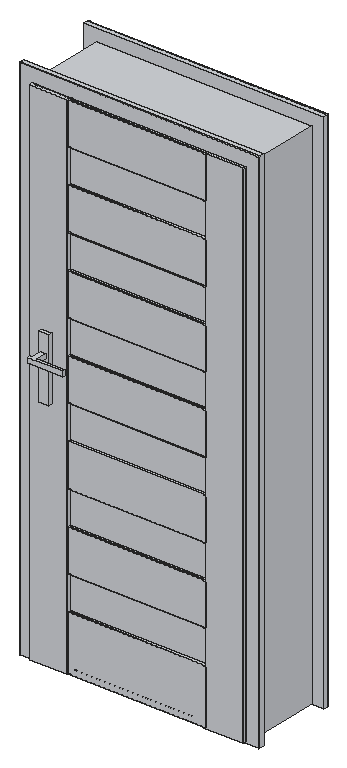
Revit family "porta_koncept_C0_osc_ps", category Drzwi, Revit 2016
Family settings
  Obiekt nadrzędny = Ściana
  Zawsze pionowo = Tak
  Tnij formami wycięć po wczytaniu = Nie
  Współdzielony = Nie
  Punkt obliczania pomieszczeń = Nie
Parameters (values of type "PN 80")
  Zakres szerokości muru [instance] = if(and(Grubość ściany > 94 mm, Grubość ściany < 120 mm), "B", (if(and(Grubość ściany > 119 mm, Grubość ściany < 140 mm), "C", (if(and(Grubość ściany > 139 mm, Grubość ściany < 160 mm), "D", (if(and(Grubość ściany > 159 mm, Grubość ściany < 180 mm), "E", (if(and(Grubość ściany > 179 mm, Grubość ściany < 200 mm), "F", (if(and(Grubość ściany > 199 mm, Grubość ściany < 220 mm), "G", (if(and(Grubość ściany > 219 mm, Grubość ściany < 240 mm), "H", (if(and(Grubość ściany > 239 mm, Grubość ściany < 260 mm), "I", (if(and(Grubość ściany > 259 mm, Grubość ściany < 280 mm), "J", (if(and(Grubość ściany > 279 mm, Grubość ściany < 301 mm), "K", "BRAK")))))))))))))))))))  # "K"
  Wysokość brutto = 2060 mm
  Szerokość brutto = 880 mm
  Model = "Koncept C0"
  Konstrukcja analityczna = "<Brak>"
  Grubość ściany [instance] = 300 mm
  Funkcja = Wewnętrzna
  URL = "www.porta.com.pl"
  Ss = 844 mm
  Sb = 846 mm
  Producent = "PORTA KMI POLAND"
  Keynote = ""
  Description = ""
  Wysokość = 2016 mm
  Zakończenie ściany = Wg obiektu nadrzędnego
  Szerokość = 800 mm
  Materiał_skrzydło [instance] = none
  Materiał_ościeżnica [instance] = none
  Materiał_klamka [instance] = none
  Informacja = "Własność Porta KMI Poland, wszelkie prawa zastrzeżone."  # constant formula
  Hs = 2030 mm
Types (6, lengths in mm): name | Szerokość brutto | Ss | Sb | Description | Szerokość
  PN 70 | 780 | 744 | 746 | "Biblioteki CAD produktów firmy PORTA KMI POLAND wraz z ich wizualizacjami są chronione prawami własności przemysłowej i intelektualnej. Można je wykorzystywać do handlowych celów osobistych poprzez zastosowanie w projektach, jednak nie wolno ich powielać, modyfikować, licencjonować ani publikować, w całości ani w części, chyba że celem przeglądania, bez uprzedniej pisemnej zgody PORTA KMI Poland. www.porta.com.pl" | 700
  PN 60 | 680 | 644 | 646 | "Biblioteki CAD produktów firmy PORTA KMI POLAND wraz z ich wizualizacjami są chronione prawami własności przemysłowej i intelektualnej. Można je wykorzystywać do handlowych celów osobistych poprzez zastosowanie w projektach, jednak nie wolno ich powielać, modyfikować, licencjonować ani publikować, w całości ani w części, chyba że celem przeglądania, bez uprzedniej pisemnej zgody PORTA KMI Poland. www.porta.com.pl" | 600
  PN 80 | 880 | 844 | 846 | "" | 800
  PN 90 | 980 | 944 | 946 | "Biblioteki CAD produktów firmy PORTA KMI POLAND wraz z ich wizualizacjami są chronione prawami własności przemysłowej i intelektualnej. Można je wykorzystywać do handlowych celów osobistych poprzez zastosowanie w projektach, jednak nie wolno ich powielać, modyfikować, licencjonować ani publikować, w całości ani w części, chyba że celem przeglądania, bez uprzedniej pisemnej zgody PORTA KMI Poland. www.porta.com.pl" | 900
  PN 100 | 1080 | 1044 | 1046 | "Biblioteki CAD produktów firmy PORTA KMI POLAND wraz z ich wizualizacjami są chronione prawami własności przemysłowej i intelektualnej. Można je wykorzystywać do handlowych celów osobistych poprzez zastosowanie w projektach, jednak nie wolno ich powielać, modyfikować, licencjonować ani publikować, w całości ani w części, chyba że celem przeglądania, bez uprzedniej pisemnej zgody PORTA KMI Poland. www.porta.com.pl" | 1000
  PN 110 | 1180 | 1144 | 1146 | "Biblioteki CAD produktów firmy PORTA KMI POLAND wraz z ich wizualizacjami są chronione prawami własności przemysłowej i intelektualnej. Można je wykorzystywać do handlowych celów osobistych poprzez zastosowanie w projektach, jednak nie wolno ich powielać, modyfikować, licencjonować ani publikować, w całości ani w części, chyba że celem przeglądania, bez uprzedniej pisemnej zgody PORTA KMI Poland. www.porta.com.pl" | 1100
Reference planes
  plane 1: y = 0
  plane 2 "Środek (Lewa/Prawa)": x = 0
  plane 3 "Lewy": x = -440
  plane 4 "Prawy": x = 440
  plane 5: z = 2060
  plane 6 "Zewnętrzna": y = 150
  plane 7 "Wewnętrzna": y = -150
  plane 8 "skrzydło": y = -144.5
Forms (mm)
  Sweep 1, solid, material <- "Materiał_ościeżnica"
    path in 3D
      loop
        line (-440, -150, 0) -> (-440, -150, 2060) -> (440, -150, 2060) -> (440, -150, 0)
    profile origin (-440, -150, 1030) x (0, -1, 0) y (1, 0, 0)
      loop
        line (-10, 39) -> (-72, 39) -> (-72, 17) -> (0, 17) -> (0, -33) -> (16, -33)
        arc (16, -33) -> (18.121, -32.121) -> (19, -30) r 3
        line (19, -30) -> (19, 24)
        arc (19, 24) -> (18.121, 26.121) -> (16, 27) r 3
        line (16, 27) -> (-10, 27) -> (-10, 39)
  Sweep 2, solid, material <- "Materiał_ościeżnica"
    path in 3D
      loop
        line (440, 150, 0) -> (440, 150, 2060) -> (-440, 150, 2060) -> (-440, 150, 0)
    profile origin (-440, 150, 1030) x (1, 0, 0) y (0, 1, 0)
      loop
        line (-33, 0) -> (17, 0) -> (17, -228) -> (39, -228) -> (39, -1)
        arc (39, -1) -> (37.536, 2.536) -> (34, 4) r 5
        line (34, 4) -> (25, 4) -> (25, 16)
        arc (25, 16) -> (24.121, 18.121) -> (22, 19) r 3
        line (22, 19) -> (-30, 19)
        arc (-30, 19) -> (-32.121, 18.121) -> (-33, 16) r 3
        line (-33, 16) -> (-33, 0)
  Sweep 3, solid, not visible
    path in 3D
      loop
        line (-440, -150, 0) -> (-440, -150, 2060)
    profile origin (-440, -150, 1030) x (0, -1, 0) y (1, 0, 0)
      loop
        line (-151, 17) -> (-149, 17) -> (-149, 19) -> (-151, 19) -> (-151, 17)
Cuts and joins
  joined: Sweep 1, Sweep 2
Lines and regions (mm)
  Opening 1
    outline origin (-3050, -150, 0) x (1, 0, 0) y (0, 0, 1)
      loop
        line (2610, 0) -> (3490, 0) -> (3490, 2060) -> (2610, 2060) -> (2610, 0)
  sketch lines
    curve 1: line (-440, -150, 0) -> (-440, -150, 2060)
    curve 2: line (-440, -150, 2060) -> (440, -150, 2060)
    curve 3: line (440, -150, 2060) -> (440, -150, 0)
    curve 4: line (-440, 150, 2060) -> (-440, 150, 0)
    curve 5: line (440, 150, 2060) -> (-440, 150, 2060)
    curve 6: line (440, 150, 0) -> (440, 150, 2060)
    curve 12: line (-440, -150, 0) -> (-440, -150, 2060)
  symbolic lines, style "DoorsPanelProjection"
    curve 7: line (422, -150, 0) -> (422, -994, 0)
    curve 8: line (422, -994, 0) -> (382, -994, 0)
    curve 9: line (382, -994, 0) -> (382, -150, 0)
    curve 10: line (382, -150, 0) -> (422, -150, 0)
  symbolic lines, style "Ugięcie rzutu"
    curve 11: arc (-422, -150, 0) -> (-174.798, -746.798, 0) -> (422, -994, 0) r 844
Text (mm)
  text "Zewnętrzna" at (-2295.016, 1099.543, 0), in view "Poziom odniesienia"
  text "Zewnętrzna" at (0, 1615.38, 3698.081), in view "Lewy"
  text "Zewnętrzna" at (0, 1036.032, 3874.932), in view "Prawy"
Dimensions and locks
  equal spacing: plane 3 "Lewy", plane 2 "Środek (Lewa/Prawa)", plane 4 "Prawy"
  "Szerokość brutto": plane 3 "Lewy" to plane 4 "Prawy"
  "Wysokość brutto": plane 5 to host wall
  host wall to plane 5 = 2060 mm  (x2)
  locked: plane 6 "Zewnętrzna" to host wall at 0
  locked: plane 7 "Wewnętrzna" to host wall
  "Sb": Sweep 1 to Sweep 1
  locked: Sweep 1 sketch curve to Sweep 1 sketch curve at 22
  Sweep 1 sketch curve to Sweep 1 sketch curve = 50 mm
  locked: Sweep 1 sketch curve to profile plane at 72
  locked: Sweep 2 sketch curve to Sweep 2 sketch curve at 50
  locked: Sweep 2 sketch curve to Sweep 2 sketch curve at 22
  locked: Sweep 2 sketch curve to plane 6 "Zewnętrzna" at 1
  locked: curve 9 to curve 7 at 40
  "Ss": curve 8 to curve 10
  equal spacing: curve 11, plane 2 "Środek (Lewa/Prawa)", curve 7
  locked: plane 7 "Wewnętrzna" to plane 8 "skrzydło" at 5.5
  locked: host wall to Sweep 3 sketch curve at 1
  locked: Sweep 3 sketch curve to host wall at 1
  locked: Sweep 3 sketch curve to plane 6 "Zewnętrzna" at 151
  locked: plane 7 "Wewnętrzna" to Sweep 3 sketch curve at 151
  equal spacing: nested 1, plane 2 "Środek (Lewa/Prawa)", nested 1
  locked: nested 1 to level at 8
  "Grubość ściany": host wall to host wall
  aligned and locked: plane 3 "Lewy" to Opening 1 sketch curve
  aligned and locked: plane 5 to Opening 1 sketch curve  (x2)
  aligned and locked: Opening 1 sketch curve to plane 4 "Prawy"
  aligned and locked: Opening 1 sketch curve to level
  aligned and locked: plane 1 to host wall
  aligned and locked: Sweep 1 to Sweep 2 sketch curve
  aligned and locked: plane 7 "Wewnętrzna" to curve 10
  aligned and locked: Sweep 3 sketch curve to cut or joined group of Sweep 1, Sweep 2
  aligned and locked: Sweep 2 sketch curve to cut or joined group of Sweep 1, Sweep 2
  aligned and locked: nested 1 to plane 8 "skrzydło"
Automatic sketch dimensions
  profile plane to Sweep 1 sketch curve = 10 mm
  Sweep 1 sketch curve to profile plane = 16 mm  (x2)
  Sweep 1 sketch curve to Sweep 1 sketch curve = 3 mm
  profile plane to Sweep 1 sketch curve = 17 mm
  Sweep 1 sketch curve to Sweep 1 sketch curve = 7 mm
  Sweep 1 sketch curve to profile plane = 0 mm
  Sweep 2 sketch curve to profile plane = 0 mm
  Sweep 2 sketch curve to profile plane = 16 mm
  Sweep 2 sketch curve to Sweep 2 sketch curve = 3 mm
  Sweep 2 sketch curve to Sweep 2 sketch curve = 5 mm
  Sweep 2 sketch curve to profile plane = 4 mm
  Sweep 2 sketch curve to Sweep 2 sketch curve = 8 mm
  curve 11 to host wall = 0 mm
  Sweep 3 sketch curve to Sweep 3 sketch curve = 2 mm
Nested families
  nested 1: "skrzydło" at (0, -151, 0), Materiał_klamka <- "Materiał_klamka", Materiał_skrzydło <- "Materiał_skrzydło", type "skrzydło"
    with Materiał_skrzydło none, Materiał_klamka none
Definition of nested family "skrzydło"
  Parameters
    Ss = 844 mm
    Materiał_skrzydło [instance] = none
    Materiał_klamka [instance] = none
    Hs = 2030 mm
  Reference planes
    plane 1 "Tył": y = 6.5
    plane 2: z = 0
    plane 3 "Środek (Lewa/Prawa)": x = 0
    plane 4 "Lewa": x = -422
    plane 5 "Prawa": x = 422
    plane 6 "Przód": y = -33.5
    plane 7: z = 2038
    plane 8 "Centrum": y = -13.5
    plane 9: x = -409
    plane 10: z = 8
    plane 11: x = 409
    plane 12: x = -272
    plane 13: x = 272
    plane 14: z = 2025
  Forms (mm)
    Extrusion 1, solid, material <- "Materiał_skrzydło"
      sketch origin (-1191.728, -1524, 8) x (-1, 0, 0) y (0, -1, 0)
        loop
          line (-1465.378, -1490.5) -> (-1612.078, -1490.5)
          arc (-1612.078, -1490.5) -> (-1613.244, -1490.983) -> (-1613.728, -1492.15) r 1.65
          line (-1613.728, -1492.15) -> (-1613.728, -1501.85)
          arc (-1613.728, -1501.85) -> (-1613.244, -1503.017) -> (-1612.078, -1503.5) r 1.65
          line (-1612.078, -1503.5) -> (-1602.078, -1503.5)
          arc (-1602.078, -1503.5) -> (-1601.123, -1503.895) -> (-1600.728, -1504.85) r 1.35
          line (-1600.728, -1504.85) -> (-1600.728, -1528.85)
          arc (-1600.728, -1528.85) -> (-1600.244, -1530.017) -> (-1599.078, -1530.5) r 1.65
          line (-1599.078, -1530.5) -> (-1465.378, -1530.5)
          arc (-1465.378, -1530.5) -> (-1464.211, -1530.017) -> (-1463.728, -1528.85) r 1.65
          line (-1463.728, -1528.85) -> (-1463.728, -1492.15)
          arc (-1463.728, -1492.15) -> (-1464.211, -1490.983) -> (-1465.378, -1490.5) r 1.65
      from 0 to 2030
    Extrusion 2, void
      sketch origin (0, 0, 0) x (0, -1, 0) y (0, 0, 1)
        loop
          line (-6.5, 2025) -> (20.5, 2025) -> (20.5, 2038) -> (-6.5, 2038) -> (-6.5, 2025)
      from -422 to 422
    Extrusion 3, solid, material <- "Materiał_skrzydło"
      sketch origin (0, 0, 0) x (0, 1, 0) y (0, 0, 1)
        loop
          line (4, 1869.65) -> (4, 2023.35)
          arc (4, 2023.35) -> (3.517, 2024.517) -> (2.35, 2025) r 1.65
          line (2.35, 2025) -> (-19.15, 2025)
          arc (-19.15, 2025) -> (-20.105, 2025.395) -> (-20.5, 2026.35) r 1.35
          line (-20.5, 2026.35) -> (-20.5, 2036.35)
          arc (-20.5, 2036.35) -> (-20.983, 2037.517) -> (-22.15, 2038) r 1.65
          line (-22.15, 2038) -> (-29.35, 2038)
          arc (-29.35, 2038) -> (-30.517, 2037.517) -> (-31, 2036.35) r 1.65
          line (-31, 2036.35) -> (-31, 1869.65)
          arc (-31, 1869.65) -> (-30.517, 1868.483) -> (-29.35, 1868) r 1.65
          line (-29.35, 1868) -> (2.35, 1868)
          arc (2.35, 1868) -> (3.517, 1868.483) -> (4, 1869.65) r 1.65
        loop
          line (2.35, 228) -> (-29.35, 228)
          arc (-29.35, 228) -> (-30.517, 227.517) -> (-31, 226.35) r 1.65
          line (-31, 226.35) -> (-31, 9.65)
          arc (-31, 9.65) -> (-30.517, 8.483) -> (-29.35, 8) r 1.65
          line (-29.35, 8) -> (-25, 8)
          arc (-25, 8) -> (-23.833, 8.483) -> (-23.35, 9.65) r 1.65
          arc (-23.35, 9.65) -> (-22.955, 10.605) -> (-22, 11) r 1.35
          line (-22, 11) -> (-5, 11)
          arc (-5, 11) -> (-4.045, 10.605) -> (-3.65, 9.65) r 1.35
          arc (-3.65, 9.65) -> (-3.167, 8.483) -> (-2, 8) r 1.65
          line (-2, 8) -> (2.35, 8)
          arc (2.35, 8) -> (3.517, 8.483) -> (4, 9.65) r 1.65
          line (4, 9.65) -> (4, 226.35)
          arc (4, 226.35) -> (3.517, 227.517) -> (2.35, 228) r 1.65
        loop
          line (2.35, 529.7) -> (-29.35, 529.7)
          arc (-29.35, 529.7) -> (-30.517, 529.217) -> (-31, 528.05) r 1.65
          line (-31, 528.05) -> (-31, 361.35)
          arc (-31, 361.35) -> (-30.517, 360.183) -> (-29.35, 359.7) r 1.65
          line (-29.35, 359.7) -> (2.35, 359.7)
          arc (2.35, 359.7) -> (3.517, 360.183) -> (4, 361.35) r 1.65
          line (4, 361.35) -> (4, 528.05)
          arc (4, 528.05) -> (3.517, 529.217) -> (2.35, 529.7) r 1.65
        loop
          line (2.35, 831.4) -> (-29.35, 831.4)
          arc (-29.35, 831.4) -> (-30.517, 830.917) -> (-31, 829.75) r 1.65
          line (-31, 829.75) -> (-31, 663.05)
          arc (-31, 663.05) -> (-30.517, 661.883) -> (-29.35, 661.4) r 1.65
          line (-29.35, 661.4) -> (2.35, 661.4)
          arc (2.35, 661.4) -> (3.517, 661.883) -> (4, 663.05) r 1.65
          line (4, 663.05) -> (4, 829.75)
          arc (4, 829.75) -> (3.517, 830.917) -> (2.35, 831.4) r 1.65
        loop
          line (2.35, 1133.1) -> (-29.35, 1133.1)
          arc (-29.35, 1133.1) -> (-30.517, 1132.617) -> (-31, 1131.45) r 1.65
          line (-31, 1131.45) -> (-31, 964.75)
          arc (-31, 964.75) -> (-30.517, 963.583) -> (-29.35, 963.1) r 1.65
          line (-29.35, 963.1) -> (2.35, 963.1)
          arc (2.35, 963.1) -> (3.517, 963.583) -> (4, 964.75) r 1.65
          line (4, 964.75) -> (4, 1131.45)
          arc (4, 1131.45) -> (3.517, 1132.617) -> (2.35, 1133.1) r 1.65
        loop
          line (2.35, 1434.8) -> (-29.35, 1434.8)
          arc (-29.35, 1434.8) -> (-30.517, 1434.317) -> (-31, 1433.15) r 1.65
          line (-31, 1433.15) -> (-31, 1266.45)
          arc (-31, 1266.45) -> (-30.517, 1265.283) -> (-29.35, 1264.8) r 1.65
          line (-29.35, 1264.8) -> (2.35, 1264.8)
          arc (2.35, 1264.8) -> (3.517, 1265.283) -> (4, 1266.45) r 1.65
          line (4, 1266.45) -> (4, 1433.15)
          arc (4, 1433.15) -> (3.517, 1434.317) -> (2.35, 1434.8) r 1.65
        loop
          line (2.35, 1736.5) -> (-29.35, 1736.5)
          arc (-29.35, 1736.5) -> (-30.517, 1736.017) -> (-31, 1734.85) r 1.65
          line (-31, 1734.85) -> (-31, 1568.15)
          arc (-31, 1568.15) -> (-30.517, 1566.983) -> (-29.35, 1566.5) r 1.65
          line (-29.35, 1566.5) -> (2.35, 1566.5)
          arc (2.35, 1566.5) -> (3.517, 1566.983) -> (4, 1568.15) r 1.65
          line (4, 1568.15) -> (4, 1734.85)
          arc (4, 1734.85) -> (3.517, 1736.017) -> (2.35, 1736.5) r 1.65
      from -272 to 272
    Extrusion 4, solid, material <- "Materiał_skrzydło"
      sketch origin (-892.016, -13.5, 1200) x (-1, 0, 0) y (0, 0, 1)
        loop
          line (-620.016, -972) -> (-620.016, 668) -> (-1164.016, 668) -> (-1164.016, -972) -> (-620.016, -972)
      from -6 to 6
    Extrusion 5, solid, material <- "Materiał_skrzydło"
      sketch origin (-1191.728, -1524, 8) x (-1, 0, 0) y (0, -1, 0)
        loop
          arc (-918.078, -1490.5) -> (-919.244, -1490.983) -> (-919.728, -1492.15) r 1.65
          line (-919.728, -1492.15) -> (-919.728, -1528.85)
          arc (-919.728, -1528.85) -> (-919.244, -1530.017) -> (-918.078, -1530.5) r 1.65
          line (-918.078, -1530.5) -> (-784.378, -1530.5)
          arc (-784.378, -1530.5) -> (-783.211, -1530.017) -> (-782.728, -1528.85) r 1.65
          line (-782.728, -1528.85) -> (-782.728, -1504.85)
          arc (-782.728, -1504.85) -> (-782.332, -1503.895) -> (-781.378, -1503.5) r 1.35
          line (-781.378, -1503.5) -> (-771.378, -1503.5)
          arc (-771.378, -1503.5) -> (-770.211, -1503.017) -> (-769.728, -1501.85) r 1.65
          line (-769.728, -1501.85) -> (-769.728, -1492.15)
          arc (-769.728, -1492.15) -> (-770.211, -1490.983) -> (-771.378, -1490.5) r 1.65
          line (-771.378, -1490.5) -> (-918.078, -1490.5)
      from 0 to 2030
  Cuts and joins
    Extrusion 2 cuts Extrusion 1
    Extrusion 2 cuts Extrusion 5
  Dimensions and locks
    equal spacing: plane 4 "Lewa", plane 3 "Środek (Lewa/Prawa)", plane 5 "Prawa"
    "Ss": plane 4 "Lewa" to plane 5 "Prawa"
    locked: plane 4 "Lewa" to plane 9 at 13
    locked: plane 10 to level at 8
    "Hs": plane 7 to plane 10
    locked: plane 5 "Prawa" to plane 11 at 13
    locked: plane 9 to nested 1 at 35
    locked: nested 1 to plane 10 at 934
    locked: plane 10 to nested 2 at 934
    equal spacing: plane 6 "Przód", plane 8 "Centrum", plane 1 "Tył"
    locked: plane 7 to plane 14 at 13
    locked: plane 12 to plane 4 "Lewa" at 150
    locked: plane 5 "Prawa" to plane 13 at 150
    locked: plane 1 "Tył" to Extrusion 2 sketch curve at 27
    aligned and locked: nested 1 to plane 6 "Przód"
    aligned and locked: plane 5 "Prawa" to Extrusion 1 sketch curve
    aligned and locked: Extrusion 1 sketch curve to plane 11
    aligned and locked: Extrusion 1 sketch curve to plane 1 "Tył"
    aligned and locked: Extrusion 1 sketch curve to plane 6 "Przód"
    aligned and locked: Extrusion 1 sketch curve to plane 13
    aligned and locked: plane 7 to Extrusion 1
    aligned and locked: Extrusion 2 sketch curve to plane 14
    aligned and locked: Extrusion 2 sketch curve to plane 1 "Tył"
    aligned and locked: plane 7 to Extrusion 2 sketch curve
    aligned and locked: Extrusion 2 to plane 4 "Lewa"
    aligned and locked: plane 5 "Prawa" to Extrusion 2
    aligned and locked: Extrusion 3 to plane 12
    aligned and locked: plane 13 to Extrusion 3
    aligned and locked: Extrusion 3 to Extrusion 4 sketch curve  (x2)
    aligned and locked: plane 4 "Lewa" to Extrusion 5 sketch curve
    aligned and locked: Extrusion 5 sketch curve to plane 12
    aligned and locked: plane 7 to Extrusion 5
    aligned and locked: nested 2 to nested 1
  Automatic sketch dimensions
    Extrusion 1 sketch curve to Extrusion 1 sketch curve = 1.65 mm  (x4)
    Extrusion 1 sketch curve to Extrusion 1 sketch curve = 1.35 mm
    Extrusion 1 sketch curve to Extrusion 1 sketch curve = 10 mm
    plane 1 "Tył" to Extrusion 1 sketch curve = 25.65 mm
    Extrusion 5 sketch curve to Extrusion 5 sketch curve = 1.65 mm  (x4)
    Extrusion 5 sketch curve to Extrusion 5 sketch curve = 1.35 mm
    Extrusion 5 sketch curve to Extrusion 5 sketch curve = 10 mm
    Extrusion 5 sketch curve to Extrusion 5 sketch curve = 0 mm
    plane 6 "Przód" to Extrusion 5 sketch curve = 40 mm
    Extrusion 5 sketch curve to Extrusion 5 sketch curve = 24 mm
    Extrusion 5 sketch curve to Extrusion 5 sketch curve = 9.7 mm
    Extrusion 3 sketch curve to plane 7 = 0 mm
    Extrusion 3 sketch curve to plane 10 = 0 mm  (x2)
    Extrusion 3 sketch curve to plane 14 = 0 mm
    plane 6 "Przód" to Extrusion 3 sketch curve = 2.5 mm  (x7)
    Extrusion 3 sketch curve to Extrusion 3 sketch curve = 1.65 mm  (x22)
    Extrusion 3 sketch curve to Extrusion 3 sketch curve = 4.35 mm
    Extrusion 3 sketch curve to Extrusion 3 sketch curve = 0 mm  (x2)
    Extrusion 3 sketch curve to Extrusion 3 sketch curve = 7.2 mm
    Extrusion 3 sketch curve to Extrusion 3 sketch curve = 1.35 mm  (x2)
    plane 10 to Extrusion 3 sketch curve = 1.65 mm  (x2)
    plane 8 "Centrum" to Extrusion 3 sketch curve = 8.5 mm
    plane 1 "Tył" to Extrusion 3 sketch curve = 4.15 mm  (x14)
    Extrusion 3 sketch curve to Extrusion 3 sketch curve = 215.35 mm
    Extrusion 3 sketch curve to Extrusion 3 sketch curve = 131.7 mm  (x5)
    Extrusion 3 sketch curve to Extrusion 3 sketch curve = 166.7 mm  (x5)
    Extrusion 3 sketch curve to Extrusion 3 sketch curve = 131.5 mm
    plane 10 to Extrusion 4 sketch curve = 220 mm
    Extrusion 4 sketch curve to plane 14 = 157 mm
  Nested families
    nested 1: "KLAMKA" at (-354, -33.5, 1067), Materiał klamki <- "Materiał_klamka", type "KLAMKA"
      with Materiał klamki none
    nested 2: "KLAMKA" at (-354, 6.5, 1067), Materiał klamki <- "Materiał_klamka", type "KLAMKA"
      with Materiał klamki none
  Definition of nested family "KLAMKA"
    Parameters
      Materiał klamki [instance] = none
      Assembly Code = ""
      Default Elevation = 1219.2 mm
    Reference planes
      plane 1 "Center (Front/Back)": y = 0
      plane 2: z = 0
      plane 3 "Center (Left/Right)": x = 0
      plane 4: z = 125
      plane 5: z = -125
      plane 6: x = 20
      plane 7: x = -20
      plane 8: y = -70
      plane 9: y = -60
      plane 10: x = 10
      plane 11: x = -10
      plane 12: x = 120
      plane 13: z = 35
      plane 14: z = 55
      plane 15: y = -15
    Forms (mm)
      Extrusion 1, solid, material <- "Materiał klamki"
        sketch origin (0, 0, 0) x (1, 0, 0) y (0, 0, 1)
          loop
            line (-20, 125) -> (-20, -125) -> (20, -125) -> (20, 125) -> (-20, 125)
        from 0 to 15
      Extrusion 2, solid, material <- "Materiał klamki"
        sketch origin (0, 0, 0) x (1, 0, 0) y (0, 1, 0)
          loop
            line (-10, -15) -> (-10, -60) -> (-20, -60) -> (-20, -70) -> (120, -70) -> (120, -60) -> (10, -60) -> (10, -15) -> (-10, -15)
        from 35 to 55
    Dimensions and locks
      equal spacing: plane 4, plane 2, plane 5
      plane 4 to plane 5 = 250 mm
      equal spacing: plane 7, plane 3 "Center (Left/Right)", plane 6
      plane 7 to plane 6 = 40 mm
      plane 8 to plane 1 "Center (Front/Back)" = 70 mm
      plane 11 to plane 3 "Center (Left/Right)" to plane 10 = 10 mm locked, 10 mm locked
      plane 7 to plane 12 = 140 mm
      plane 15 to plane 1 "Center (Front/Back)" = 15 mm
      aligned and locked: plane 7 to Extrusion 1 sketch curve
      aligned and locked: Extrusion 1 sketch curve to plane 4
      aligned and locked: plane 5 to Extrusion 1 sketch curve
      aligned and locked: Extrusion 1 sketch curve to plane 6
      aligned and locked: plane 15 to Extrusion 1
      aligned and locked: Extrusion 1 to plane 1 "Center (Front/Back)"
      aligned and locked: plane 14 to Extrusion 2
      aligned and locked: Extrusion 2 to plane 13
    Automatic sketch dimensions
      Extrusion 2 sketch curve to plane 7 = 0 mm
      Extrusion 2 sketch curve to plane 9 = 0 mm  (x2)
      Extrusion 2 sketch curve to plane 11 = 0 mm
      Extrusion 2 sketch curve to plane 10 = 0 mm
      Extrusion 2 sketch curve to plane 12 = 0 mm
      Extrusion 2 sketch curve to plane 8 = 0 mm
      Extrusion 2 sketch curve to plane 15 = 0 mm
